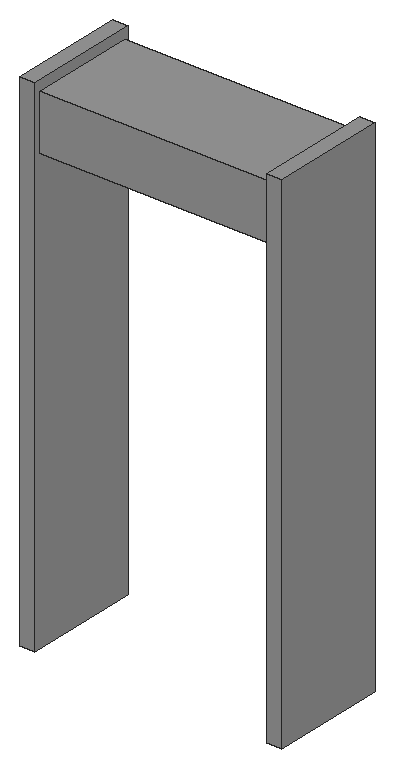
Revit family "АВЛН_Арочный металлодетектор", category Мебель, Revit 2019
Family settings
  Номер OmniClass = 23.40.20.00
  Заголовок OmniClass = General Furniture and Specialties
  На основе рабочей плоскости = Нет
  Всегда вертикально = Да
  При загрузке вырезать с полостями = Нет
  Общий = Нет
  Точка расчета площади = Нет
Parameters (values of type "Арочный металлодетектор")
  Описание = "Арочный металлодетектор с увеличенной шириной\r\nпрохода (1000мм)\r\n85-264 В, 12 Вт, увеличенная ширина прохода,\r\nвнешние габариты 2200х1130х500 мм, габариты\r\nпрохода 2000х1000х500 мм"
  Type Comments = ""
  Keynote = ""
  Изготовитель = "ИРА-ПРОМ"
  Группа модели = "Оборудование основных помещений школы"
  ADSK_Размер_Ширина = 500 mm
  ADSK_Размер_Длина = 1130 mm
  ADSK_Размер_Высота = 2200 mm
  ADSK_Обозначение = "Блокпост РС Z\r\n600/1200/1800\r\nрасширенный\r\n(1000мм)"
  ADSK_Масса = 0
  ADSK_Код изделия = ""
  ADSK_Единица измерения = "шт"  # constant formula
Reference planes
  plane 1 "По центру (Вперед/Назад)": y = 0
  plane 2: z = 0
  plane 3 "По центру (Влево/Вправо)": x = 0
  plane 4: z = 2200
  plane 5: y = 250
  plane 6: x = 565
  plane 7: x = -565
  plane 8: y = -250
Forms (mm)
  Extrusion 1, solid, material "Металл"
    sketch origin (0, -518.993, 592.976) x (-1, 0, 0) y (0, -1, 0)
      loop
        line (565, -768.993) -> (565, -268.993) -> (500, -268.993) -> (500, -768.993) -> (565, -768.993)
      loop
        line (-565, -768.993) -> (-500, -768.993) -> (-500, -268.993) -> (-565, -268.993) -> (-565, -768.993)
    from -592.976 to 1607.024
  Extrusion 2, solid, material "Акриловый"
    sketch origin (0, -518.993, 592.976) x (-1, 0, 0) y (0, -1, 0)
      loop
        line (500, -748.993) -> (500, -288.993) -> (-500, -288.993) -> (-500, -748.993) -> (500, -748.993)
    from 1327.024 to 1567.024
Dimensions and locks
  plane 2 to plane 4 = 2200 mm
  equal spacing: plane 8, plane 1 "По центру (Вперед/Назад)", plane 5
  equal spacing: plane 7, plane 3 "По центру (Влево/Вправо)", plane 6
  "ADSK_Размер_Длина": plane 7 to plane 6
  "ADSK_Размер_Ширина": plane 5 to plane 8
  "ADSK_Размер_Высота": plane 2 to plane 4
  locked: Extrusion 1 sketch curve to plane 6 at 65
  locked: plane 7 to Extrusion 1 sketch curve at 65
  locked: plane 5 to Extrusion 2 sketch curve at 20
  locked: Extrusion 2 sketch curve to plane 8 at 20
  Extrusion 2 to Extrusion 2 to plane 4 = 240 mm locked, 40 mm locked
  aligned and locked: level to plane 2
  aligned and locked: Extrusion 1 sketch curve to plane 5
  aligned and locked: plane 7 to Extrusion 1 sketch curve
  aligned and locked: plane 8 to Extrusion 1 sketch curve
  aligned and locked: plane 5 to Extrusion 1 sketch curve
  aligned and locked: plane 6 to Extrusion 1 sketch curve
  aligned and locked: Extrusion 1 sketch curve to plane 8
  aligned and locked: Extrusion 1 to level
  aligned and locked: Extrusion 1 to plane 4
  aligned and locked: Extrusion 1 to Extrusion 2 sketch curve  (x2)
